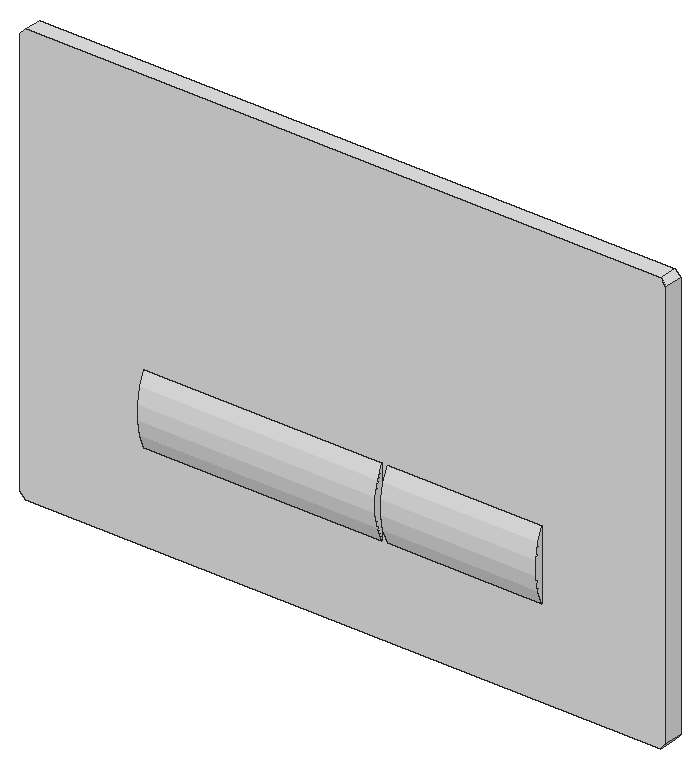
Revit family "GLAM_230x150x6.5", category Plumbing Fixtures, Revit 2018
Family settings
  Round Connector Dimension = Use Diameter
  Part Type = Normal
  OmniClass Number = 23.45.00.00
  OmniClass Title = Sanitary, Laundry, and Cleaning Equipment
  Work Plane-Based = Yes
  Always vertical = Yes
  Cut with Voids When Loaded = No
  Shared = No
  Room Calculation Point = No
Parameters (values of type "Mécanique_Blanche")
  aux [instance] = if(FRAME_OLI, 0.0 mm, 1000.0 mm)  # 1000.0 mm
  URL = "https://www.regiplast.fr/blog/articles/plaques-de-commande/"
  Product data url = "https://www.regiplast.fr/blog/articles/plaques-de-commande/"
  Model = CONTROL_Model  # "Glam"
  Manufacturer = ""
  FRAME_OLI [instance] = no
  Description = CONTROL_Brief description  # "Plaque de commande mécanique en abs"
  Default Elevation = 1219.2 mm
  CONTROL_Width = 6.5 mm  # constant formula
  CONTROL_Vandal-proof = ""
  CONTROL_Type/function = "Plaque de Commande pour réservoir à encastrer"  # constant formula
  CONTROL_Type of flush = "Double-Débit"  # constant formula
  Material Button [instance] = Chromée
  Material [instance] = Blanche
  CONTROL_Product data url = "https://www.regiplast.fr/blog/articles/plaques-de-commande/"
  CONTROL_Model code/ref = "184B"
  CONTROL_Model Series = "Blanche"
  CONTROL_Model = "Glam"  # constant formula
  CONTROL_Material = "ABS"
  CONTROL_Length = 230.0 mm  # constant formula
  CONTROL_Height = 150.0 mm  # constant formula
  CONTROL_Brief description = "Plaque de commande mécanique en abs"  # constant formula
  CONTROL_Actuation type = "Mécanique"  # constant formula
  BIM object developer = "www.concepsysbim.com"
Types (3, lengths in mm): name | Material | CONTROL_Model code/ref | CONTROL_Model Series
  Mécanique_Blanche | Blanche | "184B" | "Blanche"
  Mécanique_Chromée | Chromée | "184C" | "Chromée"
  Mécanique_Chromée Mate | Chromée Mate | "184M" | "Chromée Mate"
Reference planes
  plane 1 "Center (Front/Back)": y = 0
  plane 2: z = 0
  plane 3 "Center (Left/Right)": x = 0
  plane 4: y = -6.5
  plane 5: x = 115
  plane 6: x = -115
  plane 7: z = 1000
  plane 8: x = -113.092
  plane 9: x = 113.084
  plane 10: z = 927.05
  plane 11: z = 1072.95
  plane 12: x = 113.084
  plane 13: z = 927.05
  plane 14: z = 1072.95
  plane 15: z = 925.05
Forms (mm)
  Extrusion 1, solid, material "Blanche" <- "Material"
    sketch origin (-115, 0, 0.154) x (1, 0, 0) y (0, 0, 1)
      loop
        line (0, 1072.795) -> (0, 926.896) -> (1.908, 924.895) -> (228.084, 924.895) -> (230, 926.896) -> (230, 1072.795) -> (228.084, 1074.895) -> (1.906, 1074.895) -> (0, 1072.795)
    from 0 to 6.5
  Extrusion 2, solid, material "Blanche" <- "Material"
    sketch origin (-115, 0, 0.154) x (0, 1, 0) y (0, 0, 1)
      loop
        arc (-6.5, 981.185) -> (-9.651, 968.708) -> (-6.5, 956.231) r 26.279
        line (-6.5, 956.231) -> (-6.5, 981.185)
    from 44.175 to 128.827
  Extrusion 3, solid, material "Blanche" <- "Material"
    sketch origin (-28.002, 0, 0.154) x (0, 1, 0) y (0, 0, 1)
      loop
        arc (-6.5, 981.185) -> (-9.651, 968.708) -> (-6.5, 956.231) r 26.279
        line (-6.5, 956.231) -> (-6.5, 981.185)
    from 43.867 to 98.949
  Extrusion 4, solid, material "Blanche" <- "Material", not visible
    sketch origin (-115, 0, 0.154) x (1, 0, 0) y (0, 0, 1)
      loop
        line (0, 1072.795) -> (0, 926.896) -> (1.908, 924.895) -> (228.084, 924.895) -> (230, 926.896) -> (230, 1072.795) -> (228.084, 1074.895) -> (1.906, 1074.895) -> (0, 1072.795)
    from 0 to 6.5
  Extrusion 5, solid, material "Blanche" <- "Material", not visible
    sketch origin (-115, 0, 0.154) x (0, 1, 0) y (0, 0, 1)
      loop
        arc (-6.5, 981.185) -> (-9.651, 968.708) -> (-6.5, 956.231) r 26.279
        line (-6.5, 956.231) -> (-6.5, 981.185)
    from 44.175 to 128.827
  Extrusion 6, solid, material "Blanche" <- "Material", not visible
    sketch origin (-28.002, 0, 0.154) x (0, 1, 0) y (0, 0, 1)
      loop
        arc (-6.5, 981.185) -> (-9.651, 968.708) -> (-6.5, 956.231) r 26.279
        line (-6.5, 956.231) -> (-6.5, 981.185)
    from 43.867 to 98.949
Dimensions and locks
  "CONTROL_Width": plane 1 "Center (Front/Back)" to plane 4
  "CONTROL_Length": plane 6 to plane 5
  "aux": plane 7 to level
  locked: plane 7 to plane 15 at 74.95
  aligned and locked: level to plane 2
  aligned and locked: plane 11 to Extrusion 1 sketch curve
  aligned and locked: plane 10 to Extrusion 1 sketch curve
  aligned and locked: plane 9 to Extrusion 1 sketch curve
  aligned and locked: Extrusion 2 to Extrusion 1
  aligned and locked: Extrusion 3 to Extrusion 1
  aligned and locked: plane 14 to Extrusion 4 sketch curve
  aligned and locked: plane 13 to Extrusion 4 sketch curve
  aligned and locked: plane 12 to Extrusion 4 sketch curve
  aligned and locked: plane 15 to Extrusion 1
Automatic sketch dimensions
  Extrusion 1 sketch curve to plane 9 = 0.0 mm
  Extrusion 1 sketch curve to plane 10 = 0.0 mm
  Extrusion 1 sketch curve to plane 11 = 0.0 mm
  plane 10 to Extrusion 1 sketch curve = 2.001 mm
  plane 11 to Extrusion 1 sketch curve = 2.1 mm
  Extrusion 2 sketch curve to plane 10 = 29.335 mm
  Extrusion 2 sketch curve to Extrusion 2 sketch curve = 12.477 mm
  Extrusion 3 sketch curve to plane 10 = 29.335 mm
  Extrusion 3 sketch curve to Extrusion 3 sketch curve = 12.477 mm
  Extrusion 1 sketch curve to plane 9 = 226.176 mm
  Extrusion 1 sketch curve to Extrusion 1 sketch curve = 0.002 mm
  Extrusion 1 sketch curve to Extrusion 1 sketch curve = 1.906 mm
  plane 9 to Extrusion 1 sketch curve = 1.916 mm
  Extrusion 2 sketch curve to Extrusion 2 sketch curve = 23.129 mm
  Extrusion 3 sketch curve to Extrusion 3 sketch curve = 23.129 mm
  Extrusion 4 sketch curve to plane 12 = 0.0 mm
  Extrusion 4 sketch curve to plane 13 = 0.0 mm
  Extrusion 4 sketch curve to plane 14 = 0.0 mm
  plane 13 to Extrusion 4 sketch curve = 2.001 mm
  plane 14 to Extrusion 4 sketch curve = 2.1 mm
  Extrusion 5 sketch curve to plane 13 = 29.335 mm
  Extrusion 5 sketch curve to Extrusion 5 sketch curve = 12.477 mm
  Extrusion 6 sketch curve to plane 13 = 29.335 mm
  Extrusion 6 sketch curve to Extrusion 6 sketch curve = 12.477 mm
  Extrusion 4 sketch curve to plane 12 = 226.176 mm
  Extrusion 4 sketch curve to Extrusion 4 sketch curve = 0.002 mm
  Extrusion 4 sketch curve to Extrusion 4 sketch curve = 1.906 mm
  plane 12 to Extrusion 4 sketch curve = 1.916 mm
  Extrusion 5 sketch curve to Extrusion 5 sketch curve = 23.129 mm
  Extrusion 6 sketch curve to Extrusion 6 sketch curve = 23.129 mm
